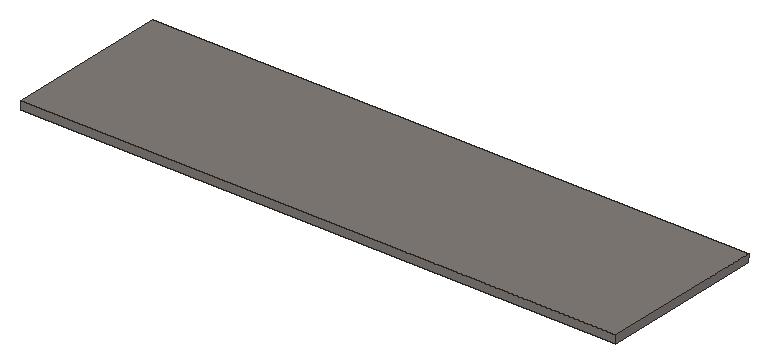
Revit family "Storage-Teknion-AFCT_Credenza_Top-R2023", category Furniture, Revit 2023
Family settings
  OmniClass Number = 23.40.20.00
  OmniClass Title = General Furniture and Specialties
  Work Plane-Based = No
  Enable Cutting in Views = No
  Always vertical = Yes
  Cut with Voids When Loaded = No
  Render Appearance Source = Family Geometry
  Shared = Yes
  Room Calculation Point = No
Parameters (values of type "Credenza Top")
  Width [instance] = 72.000"
  Warranty = "http://www.teknion.com/ca/papers/legal-canada"
  Unit Weight URL = "http://www.teknion.com/ca/tools/assets#&asset=bee6a381-b954-425e-8283-5a2de3a804f2,f828d448-4b62-4231-9e5f-9a8991c0ed77"
  URL = "www.teknion.com"
  Top Finish [instance] = Veneer - Teknion - 5P - Flintwood - Poppy Seed
  To render please download texture images found here [instance] = "https://assets.teknion.com/web/5e81352c1dfdb467/revit-material-swatches/"
  Sustainability Data = "https://www.teknion.com/ca/tools/assets#&topic=216f99a5-57a0-44fc-b10a-9dee9b29ae4c&asset=444deb64-fe58-4b68-981e-f75e97781df7,b4ff2d81-9f2e-437d-9659-7cffb09c31cf"
  Series = "Audience Boardroom Storage"  # constant formula
  Product Page URL = "https://www.teknion.com/ca/products/product-details?productLineId=1a94336e-8e7a-673b-a6c8-ff00004460c4"
  Product Line = "Storage"  # constant formula
  Product Documentation Link = "https://www.teknion.com/pricing/tables/pdfs/AFCT_ppg.pdf"
  Part Number = "AFCT"  # constant formula
  Model = "AFCT_"
  Manufacturer Phone = "416-661-3370"  # constant formula
  Manufacturer Fax = "416.661.4586"  # constant formula
  Manufacturer Contact Information = "http://www.teknion.com/ca/contactus"
  Manufacturer Address = "1150 Flint Road, Toronto, ON. M3J 2J5. Canada"  # constant formula
  Manufacturer = "Teknion"  # constant formula
  How To Use Teknion Materials User Guide [instance] = "https://assets.teknion.com/m/205dd0a49fa58060/original/How-to-add-a-Material-Library-and-Texture-Images-to-your-Revit-project.pdf"
  For Additional Finishes please visit [instance] = "https://assets.teknion.com/m/44a8009b046e5d47/original/Teknion_Materials_Library.zip"
  Description = "Credenza Top"
  Default Elevation = 0.000"
  Available Width [instance] = "48, 64, 72, 80 & 90 Inch"  # constant formula
  Assembly Code = "E2020200"
Reference planes (in)
  plane 1 "Center Front/Back": y = -10
  plane 2: z = 0
  plane 3 "Center Left/Right": x = 45.00001
  plane 4 "Left": x = 9.00001
  plane 5 "Right": x = 81.00001
  plane 6 "Back": y = 0
  plane 7 "Front": y = -20
  plane 8 "Top": z = 35
  plane 9: z = 36
Forms (in)
  Sweep 1, solid, material "Veneer - Teknion - 5P - Flintwood - Poppy Seed" <- "Top Finish"
    path origin (0, -10, 0) x (1, 0, 0) y (0, 0, 1)
      loop
        line (45.00001, 36) -> (45.00001, 35)
    profile origin (45.00001, -10, 35.5) x (0, -1, 0) y (1, 0, 0)
      loop
        line (-10, -36) -> (10, -36) -> (10, 36) -> (-10, 36) -> (-10, -36)
Lines and regions (in)
  Masking region 1
    outline origin (0, 0, 0) x (1, 0, 0) y (0, 1, 0)
      loop
        line (9.00001, 0) -> (9.00001, -20) -> (81.00001, -20) -> (81.00001, 0) -> (9.00001, 0)
  reference lines
    curve 1: line (9.00001, 0, 0) -> (81.00001, 0, 0)
    curve 2: line (81.00001, 0, 0) -> (81.00001, -20, 0)
    curve 3: line (9.00001, -20, 0) -> (81.00001, -20, 0)
    curve 4: line (9.00001, 0, 0) -> (9.00001, -20, 0)
Dimensions and locks (in)
  "Width": plane 4 "Left" to plane 5 "Right"
  locked: plane 6 "Back" to plane 7 "Front" at 20
  locked: plane 8 "Top" to level at 35
  equal spacing: plane 6 "Back", plane 1 "Center Front/Back", plane 7 "Front"
  equal spacing: plane 4 "Left", plane 3 "Center Left/Right", plane 5 "Right"
  locked: plane 9 to plane 8 "Top" at 1
  aligned and locked: level to plane 2
  aligned and locked: Sweep 1 sketch curve to plane 3 "Center Left/Right"
  aligned and locked: plane 9 to Sweep 1 sketch curve
  aligned and locked: plane 8 "Top" to Sweep 1 sketch curve
  aligned and locked: Sweep 1 sketch curve to plane 6 "Back"
  aligned and locked: Sweep 1 sketch curve to plane 7 "Front"
  aligned and locked: Sweep 1 sketch curve to plane 5 "Right"
  aligned and locked: Sweep 1 sketch curve to plane 4 "Left"
  aligned and locked: Masking region 1 sketch curve to Sweep 1  (x4)
  aligned and locked: curve 1 to plane 6 "Back"
  aligned and locked: curve 2 to plane 5 "Right"
  aligned and locked: plane 7 "Front" to curve 3
  aligned and locked: curve 4 to plane 4 "Left"
  aligned and locked: plane 4 "Left" to nested 1
  aligned and locked: nested 1 to plane 6 "Back"
Nested families (in)
  nested 1: "Teknion_2D_Node_Family-R2016" at (9.00001, 0, 0), type "Teknion_2D_Node_Family-R2016"
Definition of nested family "Teknion_2D_Node_Family-R2016"
  Reference planes (in)
    plane 1 "Center (Front/Back)": y = 0
    plane 2: z = 0
    plane 3 "Center (Left/Right)": x = 0
  Lines and regions (in)
    detail lines, in view "Ref. Level"
      curve 1: circle (0, 0, 0) r 1.25 normal (0, 0, 1)
      curve 2: line (1.91508, -1.91508, 0) -> (-1.91508, 1.91508, 0)
      curve 3: line (-1.91508, -1.91508, 0) -> (1.91508, 1.91508, 0)
